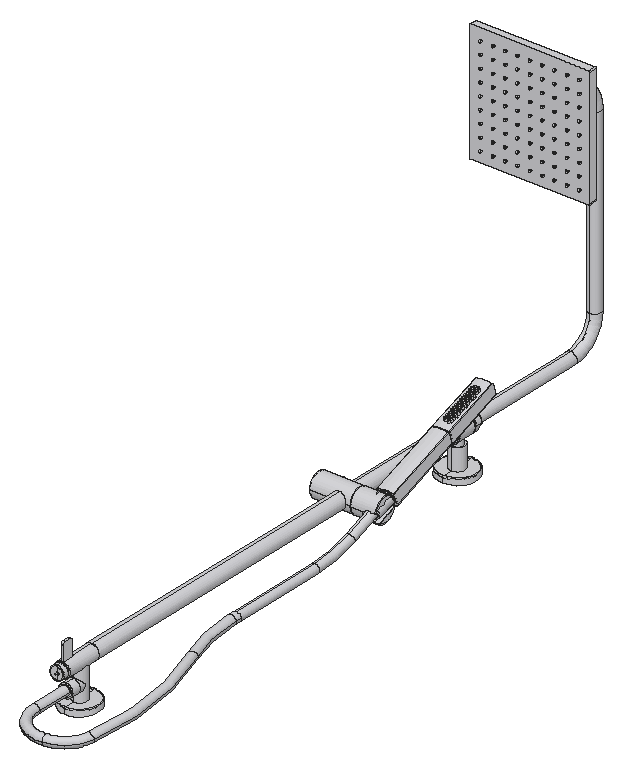
Revit family "Shower-Shower_Column_Kit-KOHLER-ANGULAR-K-76633T_1", category Plumbing Fixtures, host Face, Revit 2017 (continued)
Definition of nested family "K-76633T"
  Lines and regions (in)
    symbolic lines, detail levels medium+fine
      curve 191: spline (1.89877, -1.46092, 1.33858) -> (1.88348, -1.46281, 1.33858) -> (1.86924, -1.46835, 1.33858) -> (1.85701, -1.47717, 1.33858) -> (1.84762, -1.48867, 1.33858) -> (1.84172, -1.50205, 1.33858) -> (1.83971, -1.51641, 1.33858) -> (1.84172, -1.53078, 1.33858) -> (1.84762, -1.54416, 1.33858) -> (1.85701, -1.55565, 1.33858) -> (1.86924, -1.56447, 1.33858) -> (1.88348, -1.57002, 1.33858) -> (1.89877, -1.57191, 1.33858)
      curve 192: spline (2.0078, -1.8452, 1.33858) -> (2.02308, -1.84331, 1.33858) -> (2.03732, -1.83776, 1.33858) -> (2.04955, -1.82895, 1.33858) -> (2.05894, -1.81745, 1.33858) -> (2.06484, -1.80407, 1.33858) -> (2.06685, -1.78971, 1.33858) -> (2.06484, -1.77534, 1.33858) -> (2.05894, -1.76196, 1.33858) -> (2.04955, -1.75047, 1.33858) -> (2.03732, -1.74165, 1.33858) -> (2.02308, -1.7361, 1.33858) -> (2.0078, -1.73421, 1.33858)
      curve 193: spline (2.0078, -1.73421, 1.33858) -> (1.99251, -1.7361, 1.33858) -> (1.97827, -1.74165, 1.33858) -> (1.96604, -1.75047, 1.33858) -> (1.95665, -1.76196, 1.33858) -> (1.95075, -1.77534, 1.33858) -> (1.94874, -1.78971, 1.33858) -> (1.95075, -1.80407, 1.33858) -> (1.95665, -1.81745, 1.33858) -> (1.96604, -1.82895, 1.33858) -> (1.97827, -1.83776, 1.33858) -> (1.99251, -1.84331, 1.33858) -> (2.0078, -1.8452, 1.33858)
      curve 194: spline (2.21984, -1.84939, 1.33858) -> (2.23512, -1.8475, 1.33858) -> (2.24936, -1.84195, 1.33858) -> (2.26159, -1.83313, 1.33858) -> (2.27098, -1.82164, 1.33858) -> (2.27688, -1.80826, 1.33858) -> (2.27889, -1.79389, 1.33858) -> (2.27688, -1.77953, 1.33858) -> (2.27098, -1.76615, 1.33858) -> (2.26159, -1.75465, 1.33858) -> (2.24936, -1.74583, 1.33858) -> (2.23512, -1.74029, 1.33858) -> (2.21984, -1.7384, 1.33858)
      curve 195: spline (2.21984, -1.7384, 1.33858) -> (2.20455, -1.74029, 1.33858) -> (2.19031, -1.74583, 1.33858) -> (2.17808, -1.75465, 1.33858) -> (2.16869, -1.76615, 1.33858) -> (2.16279, -1.77953, 1.33858) -> (2.16078, -1.79389, 1.33858) -> (2.16279, -1.80826, 1.33858) -> (2.16869, -1.82164, 1.33858) -> (2.17808, -1.83313, 1.33858) -> (2.19031, -1.84195, 1.33858) -> (2.20455, -1.8475, 1.33858) -> (2.21984, -1.84939, 1.33858)
      curve 196: spline (1.79575, -1.84939, 1.33858) -> (1.81104, -1.8475, 1.33858) -> (1.82528, -1.84195, 1.33858) -> (1.83751, -1.83313, 1.33858) -> (1.8469, -1.82164, 1.33858) -> (1.8528, -1.80826, 1.33858) -> (1.85481, -1.79389, 1.33858) -> (1.8528, -1.77953, 1.33858) -> (1.8469, -1.76615, 1.33858) -> (1.83751, -1.75465, 1.33858) -> (1.82528, -1.74583, 1.33858) -> (1.81104, -1.74029, 1.33858) -> (1.79575, -1.7384, 1.33858)
      curve 197: spline (1.79575, -1.7384, 1.33858) -> (1.78047, -1.74029, 1.33858) -> (1.76623, -1.74583, 1.33858) -> (1.754, -1.75465, 1.33858) -> (1.74461, -1.76615, 1.33858) -> (1.73871, -1.77953, 1.33858) -> (1.7367, -1.79389, 1.33858) -> (1.73871, -1.80826, 1.33858) -> (1.74461, -1.82164, 1.33858) -> (1.754, -1.83313, 1.33858) -> (1.76623, -1.84195, 1.33858) -> (1.78047, -1.8475, 1.33858) -> (1.79575, -1.84939, 1.33858)
      curve 198: spline (2.11683, -1.83088, 1.33858) -> (2.10154, -1.83277, 1.33858) -> (2.0873, -1.83831, 1.33858) -> (2.07507, -1.84713, 1.33858) -> (2.06568, -1.85862, 1.33858) -> (2.05978, -1.87201, 1.33858) -> (2.05777, -1.88637, 1.33858) -> (2.05978, -1.90073, 1.33858) -> (2.06568, -1.91412, 1.33858) -> (2.07507, -1.92561, 1.33858) -> (2.0873, -1.93443, 1.33858) -> (2.10154, -1.93997, 1.33858) -> (2.11683, -1.94186, 1.33858)
      curve 199: spline (2.11683, -1.94186, 1.33858) -> (2.13211, -1.93997, 1.33858) -> (2.14635, -1.93443, 1.33858) -> (2.15858, -1.92561, 1.33858) -> (2.16797, -1.91412, 1.33858) -> (2.17387, -1.90073, 1.33858) -> (2.17588, -1.88637, 1.33858) -> (2.17387, -1.87201, 1.33858) -> (2.16797, -1.85862, 1.33858) -> (2.15858, -1.84713, 1.33858) -> (2.14635, -1.83831, 1.33858) -> (2.13211, -1.83277, 1.33858) -> (2.11683, -1.83088, 1.33858)
      curve 200: spline (2.0078, -2.03018, 1.33858) -> (2.02308, -2.02829, 1.33858) -> (2.03732, -2.02274, 1.33858) -> (2.04955, -2.01392, 1.33858) -> (2.05894, -2.00243, 1.33858) -> (2.06484, -1.98905, 1.33858) -> (2.06685, -1.97468, 1.33858) -> (2.06484, -1.96032, 1.33858) -> (2.05894, -1.94694, 1.33858) -> (2.04955, -1.93544, 1.33858) -> (2.03732, -1.92663, 1.33858) -> (2.02308, -1.92108, 1.33858) -> (2.0078, -1.91919, 1.33858)
      curve 201: spline (2.0078, -1.91919, 1.33858) -> (1.99251, -1.92108, 1.33858) -> (1.97827, -1.92663, 1.33858) -> (1.96604, -1.93544, 1.33858) -> (1.95665, -1.94694, 1.33858) -> (1.95075, -1.96032, 1.33858) -> (1.94874, -1.97468, 1.33858) -> (1.95075, -1.98905, 1.33858) -> (1.95665, -2.00243, 1.33858) -> (1.96604, -2.01392, 1.33858) -> (1.97827, -2.02274, 1.33858) -> (1.99251, -2.02829, 1.33858) -> (2.0078, -2.03018, 1.33858)
      curve 202: spline (2.21984, -2.03437, 1.33858) -> (2.23512, -2.03247, 1.33858) -> (2.24936, -2.02693, 1.33858) -> (2.26159, -2.01811, 1.33858) -> (2.27098, -2.00662, 1.33858) -> (2.27688, -1.99323, 1.33858) -> (2.27889, -1.97887, 1.33858) -> (2.27688, -1.96451, 1.33858) -> (2.27098, -1.95112, 1.33858) -> (2.26159, -1.93963, 1.33858) -> (2.24936, -1.93081, 1.33858) -> (2.23512, -1.92527, 1.33858) -> (2.21984, -1.92338, 1.33858)
      curve 203: spline (2.21984, -1.92338, 1.33858) -> (2.20455, -1.92527, 1.33858) -> (2.19031, -1.93081, 1.33858) -> (2.17808, -1.93963, 1.33858) -> (2.16869, -1.95112, 1.33858) -> (2.16279, -1.96451, 1.33858) -> (2.16078, -1.97887, 1.33858) -> (2.16279, -1.99323, 1.33858) -> (2.16869, -2.00662, 1.33858) -> (2.17808, -2.01811, 1.33858) -> (2.19031, -2.02693, 1.33858) -> (2.20455, -2.03247, 1.33858) -> (2.21984, -2.03437, 1.33858)
      curve 204: spline (1.79575, -2.03437, 1.33858) -> (1.81104, -2.03247, 1.33858) -> (1.82528, -2.02693, 1.33858) -> (1.83751, -2.01811, 1.33858) -> (1.8469, -2.00662, 1.33858) -> (1.8528, -1.99323, 1.33858) -> (1.85481, -1.97887, 1.33858) -> (1.8528, -1.96451, 1.33858) -> (1.8469, -1.95112, 1.33858) -> (1.83751, -1.93963, 1.33858) -> (1.82528, -1.93081, 1.33858) -> (1.81104, -1.92527, 1.33858) -> (1.79575, -1.92338, 1.33858)
      curve 205: spline (1.79575, -1.92338, 1.33858) -> (1.78047, -1.92527, 1.33858) -> (1.76623, -1.93081, 1.33858) -> (1.754, -1.93963, 1.33858) -> (1.74461, -1.95112, 1.33858) -> (1.73871, -1.96451, 1.33858) -> (1.7367, -1.97887, 1.33858) -> (1.73871, -1.99323, 1.33858) -> (1.74461, -2.00662, 1.33858) -> (1.754, -2.01811, 1.33858) -> (1.76623, -2.02693, 1.33858) -> (1.78047, -2.03247, 1.33858) -> (1.79575, -2.03437, 1.33858)
      curve 206: spline (1.89877, -2.01586, 1.33858) -> (1.88348, -2.01775, 1.33858) -> (1.86924, -2.02329, 1.33858) -> (1.85701, -2.03211, 1.33858) -> (1.84762, -2.0436, 1.33858) -> (1.84172, -2.05699, 1.33858) -> (1.83971, -2.07135, 1.33858) -> (1.84172, -2.08571, 1.33858) -> (1.84762, -2.0991, 1.33858) -> (1.85701, -2.11059, 1.33858) -> (1.86924, -2.11941, 1.33858) -> (1.88348, -2.12495, 1.33858) -> (1.89877, -2.12684, 1.33858)
      curve 207: spline (1.89877, -2.12684, 1.33858) -> (1.91405, -2.12495, 1.33858) -> (1.92829, -2.11941, 1.33858) -> (1.94052, -2.11059, 1.33858) -> (1.94991, -2.0991, 1.33858) -> (1.95581, -2.08571, 1.33858) -> (1.95782, -2.07135, 1.33858) -> (1.95581, -2.05699, 1.33858) -> (1.94991, -2.0436, 1.33858) -> (1.94052, -2.03211, 1.33858) -> (1.92829, -2.02329, 1.33858) -> (1.91405, -2.01775, 1.33858) -> (1.89877, -2.01586, 1.33858)
      curve 208: spline (2.11683, -2.01586, 1.33858) -> (2.10154, -2.01775, 1.33858) -> (2.0873, -2.02329, 1.33858) -> (2.07507, -2.03211, 1.33858) -> (2.06568, -2.0436, 1.33858) -> (2.05978, -2.05699, 1.33858) -> (2.05777, -2.07135, 1.33858) -> (2.05978, -2.08571, 1.33858) -> (2.06568, -2.0991, 1.33858) -> (2.07507, -2.11059, 1.33858) -> (2.0873, -2.11941, 1.33858) -> (2.10154, -2.12495, 1.33858) -> (2.11683, -2.12684, 1.33858)
      curve 209: spline (2.11683, -2.12684, 1.33858) -> (2.13211, -2.12495, 1.33858) -> (2.14635, -2.11941, 1.33858) -> (2.15858, -2.11059, 1.33858) -> (2.16797, -2.0991, 1.33858) -> (2.17387, -2.08571, 1.33858) -> (2.17588, -2.07135, 1.33858) -> (2.17387, -2.05699, 1.33858) -> (2.16797, -2.0436, 1.33858) -> (2.15858, -2.03211, 1.33858) -> (2.14635, -2.02329, 1.33858) -> (2.13211, -2.01775, 1.33858) -> (2.11683, -2.01586, 1.33858)
      curve 210: spline (1.89877, -1.94186, 1.33858) -> (1.91405, -1.93997, 1.33858) -> (1.92829, -1.93443, 1.33858) -> (1.94052, -1.92561, 1.33858) -> (1.94991, -1.91412, 1.33858) -> (1.95581, -1.90073, 1.33858) -> (1.95782, -1.88637, 1.33858) -> (1.95581, -1.87201, 1.33858) -> (1.94991, -1.85862, 1.33858) -> (1.94052, -1.84713, 1.33858) -> (1.92829, -1.83831, 1.33858) -> (1.91405, -1.83277, 1.33858) -> (1.89877, -1.83088, 1.33858)
      curve 211: spline (1.89877, -1.83088, 1.33858) -> (1.88348, -1.83277, 1.33858) -> (1.86924, -1.83831, 1.33858) -> (1.85701, -1.84713, 1.33858) -> (1.84762, -1.85862, 1.33858) -> (1.84172, -1.87201, 1.33858) -> (1.83971, -1.88637, 1.33858) -> (1.84172, -1.90073, 1.33858) -> (1.84762, -1.91412, 1.33858) -> (1.85701, -1.92561, 1.33858) -> (1.86924, -1.93443, 1.33858) -> (1.88348, -1.93997, 1.33858) -> (1.89877, -1.94186, 1.33858)
      curve 212: spline (2.0078, -2.21516, 1.33858) -> (2.02308, -2.21327, 1.33858) -> (2.03732, -2.20772, 1.33858) -> (2.04955, -2.1989, 1.33858) -> (2.05894, -2.18741, 1.33858) -> (2.06484, -2.17403, 1.33858) -> (2.06685, -2.15966, 1.33858) -> (2.06484, -2.1453, 1.33858) -> (2.05894, -2.13192, 1.33858) -> (2.04955, -2.12042, 1.33858) -> (2.03732, -2.1116, 1.33858) -> (2.02308, -2.10606, 1.33858) -> (2.0078, -2.10417, 1.33858)
      curve 213: spline (2.0078, -2.10417, 1.33858) -> (1.99251, -2.10606, 1.33858) -> (1.97827, -2.1116, 1.33858) -> (1.96604, -2.12042, 1.33858) -> (1.95665, -2.13192, 1.33858) -> (1.95075, -2.1453, 1.33858) -> (1.94874, -2.15966, 1.33858) -> (1.95075, -2.17403, 1.33858) -> (1.95665, -2.18741, 1.33858) -> (1.96604, -2.1989, 1.33858) -> (1.97827, -2.20772, 1.33858) -> (1.99251, -2.21327, 1.33858) -> (2.0078, -2.21516, 1.33858)
      curve 214: spline (2.21984, -2.21934, 1.33858) -> (2.23512, -2.21745, 1.33858) -> (2.24936, -2.21191, 1.33858) -> (2.26159, -2.20309, 1.33858) -> (2.27098, -2.1916, 1.33858) -> (2.27688, -2.17821, 1.33858) -> (2.27889, -2.16385, 1.33858) -> (2.27688, -2.14949, 1.33858) -> (2.27098, -2.1361, 1.33858) -> (2.26159, -2.12461, 1.33858) -> (2.24936, -2.11579, 1.33858) -> (2.23512, -2.11025, 1.33858) -> (2.21984, -2.10836, 1.33858)
      curve 215: spline (2.21984, -2.10836, 1.33858) -> (2.20455, -2.11025, 1.33858) -> (2.19031, -2.11579, 1.33858) -> (2.17808, -2.12461, 1.33858) -> (2.16869, -2.1361, 1.33858) -> (2.16279, -2.14949, 1.33858) -> (2.16078, -2.16385, 1.33858) -> (2.16279, -2.17821, 1.33858) -> (2.16869, -2.1916, 1.33858) -> (2.17808, -2.20309, 1.33858) -> (2.19031, -2.21191, 1.33858) -> (2.20455, -2.21745, 1.33858) -> (2.21984, -2.21934, 1.33858)
      curve 216: spline (1.79575, -2.21934, 1.33858) -> (1.81104, -2.21745, 1.33858) -> (1.82528, -2.21191, 1.33858) -> (1.83751, -2.20309, 1.33858) -> (1.8469, -2.1916, 1.33858) -> (1.8528, -2.17821, 1.33858) -> (1.85481, -2.16385, 1.33858) -> (1.8528, -2.14949, 1.33858) -> (1.8469, -2.1361, 1.33858) -> (1.83751, -2.12461, 1.33858) -> (1.82528, -2.11579, 1.33858) -> (1.81104, -2.11025, 1.33858) -> (1.79575, -2.10836, 1.33858)
      curve 217: spline (1.79575, -2.10836, 1.33858) -> (1.78047, -2.11025, 1.33858) -> (1.76623, -2.11579, 1.33858) -> (1.754, -2.12461, 1.33858) -> (1.74461, -2.1361, 1.33858) -> (1.73871, -2.14949, 1.33858) -> (1.7367, -2.16385, 1.33858) -> (1.73871, -2.17821, 1.33858) -> (1.74461, -2.1916, 1.33858) -> (1.754, -2.20309, 1.33858) -> (1.76623, -2.21191, 1.33858) -> (1.78047, -2.21745, 1.33858) -> (1.79575, -2.21934, 1.33858)
      curve 218: spline (2.11683, -2.20083, 1.33858) -> (2.10154, -2.20273, 1.33858) -> (2.0873, -2.20827, 1.33858) -> (2.07507, -2.21709, 1.33858) -> (2.06568, -2.22858, 1.33858) -> (2.05978, -2.24197, 1.33858) -> (2.05777, -2.25633, 1.33858) -> (2.05978, -2.27069, 1.33858) -> (2.06568, -2.28408, 1.33858) -> (2.07507, -2.29557, 1.33858) -> (2.0873, -2.30439, 1.33858) -> (2.10154, -2.30993, 1.33858) -> (2.11683, -2.31182, 1.33858)
      curve 219: spline (2.11683, -2.31182, 1.33858) -> (2.13211, -2.30993, 1.33858) -> (2.14635, -2.30439, 1.33858) -> (2.15858, -2.29557, 1.33858) -> (2.16797, -2.28408, 1.33858) -> (2.17387, -2.27069, 1.33858) -> (2.17588, -2.25633, 1.33858) -> (2.17387, -2.24197, 1.33858) -> (2.16797, -2.22858, 1.33858) -> (2.15858, -2.21709, 1.33858) -> (2.14635, -2.20827, 1.33858) -> (2.13211, -2.20273, 1.33858) -> (2.11683, -2.20083, 1.33858)
      curve 220: spline (2.0078, -2.40014, 1.33858) -> (2.02308, -2.39824, 1.33858) -> (2.03732, -2.3927, 1.33858) -> (2.04955, -2.38388, 1.33858) -> (2.05894, -2.37239, 1.33858) -> (2.06484, -2.35901, 1.33858) -> (2.06685, -2.34464, 1.33858) -> (2.06484, -2.33028, 1.33858) -> (2.05894, -2.3169, 1.33858) -> (2.04955, -2.3054, 1.33858) -> (2.03732, -2.29658, 1.33858) -> (2.02308, -2.29104, 1.33858) -> (2.0078, -2.28915, 1.33858)
      curve 221: spline (2.0078, -2.28915, 1.33858) -> (1.99251, -2.29104, 1.33858) -> (1.97827, -2.29658, 1.33858) -> (1.96604, -2.3054, 1.33858) -> (1.95665, -2.3169, 1.33858) -> (1.95075, -2.33028, 1.33858) -> (1.94874, -2.34464, 1.33858) -> (1.95075, -2.35901, 1.33858) -> (1.95665, -2.37239, 1.33858) -> (1.96604, -2.38388, 1.33858) -> (1.97827, -2.3927, 1.33858) -> (1.99251, -2.39824, 1.33858) -> (2.0078, -2.40014, 1.33858)
      curve 222: spline (2.21984, -2.40432, 1.33858) -> (2.23512, -2.40243, 1.33858) -> (2.24936, -2.39689, 1.33858) -> (2.26159, -2.38807, 1.33858) -> (2.27098, -2.37658, 1.33858) -> (2.27688, -2.36319, 1.33858) -> (2.27889, -2.34883, 1.33858) -> (2.27688, -2.33447, 1.33858) -> (2.27098, -2.32108, 1.33858) -> (2.26159, -2.30959, 1.33858) -> (2.24936, -2.30077, 1.33858) -> (2.23512, -2.29523, 1.33858) -> (2.21984, -2.29334, 1.33858)
      curve 223: spline (2.21984, -2.29334, 1.33858) -> (2.20455, -2.29523, 1.33858) -> (2.19031, -2.30077, 1.33858) -> (2.17808, -2.30959, 1.33858) -> (2.16869, -2.32108, 1.33858) -> (2.16279, -2.33447, 1.33858) -> (2.16078, -2.34883, 1.33858) -> (2.16279, -2.36319, 1.33858) -> (2.16869, -2.37658, 1.33858) -> (2.17808, -2.38807, 1.33858) -> (2.19031, -2.39689, 1.33858) -> (2.20455, -2.40243, 1.33858) -> (2.21984, -2.40432, 1.33858)
      curve 224: spline (1.79575, -2.40432, 1.33858) -> (1.81104, -2.40243, 1.33858) -> (1.82528, -2.39689, 1.33858) -> (1.83751, -2.38807, 1.33858) -> (1.8469, -2.37658, 1.33858) -> (1.8528, -2.36319, 1.33858) -> (1.85481, -2.34883, 1.33858) -> (1.8528, -2.33447, 1.33858) -> (1.8469, -2.32108, 1.33858) -> (1.83751, -2.30959, 1.33858) -> (1.82528, -2.30077, 1.33858) -> (1.81104, -2.29523, 1.33858) -> (1.79575, -2.29334, 1.33858)
      curve 225: spline (1.79575, -2.29334, 1.33858) -> (1.78047, -2.29523, 1.33858) -> (1.76623, -2.30077, 1.33858) -> (1.754, -2.30959, 1.33858) -> (1.74461, -2.32108, 1.33858) -> (1.73871, -2.33447, 1.33858) -> (1.7367, -2.34883, 1.33858) -> (1.73871, -2.36319, 1.33858) -> (1.74461, -2.37658, 1.33858) -> (1.754, -2.38807, 1.33858) -> (1.76623, -2.39689, 1.33858) -> (1.78047, -2.40243, 1.33858) -> (1.79575, -2.40432, 1.33858)
      curve 226: spline (1.89877, -2.38581, 1.33858) -> (1.88348, -2.3877, 1.33858) -> (1.86924, -2.39325, 1.33858) -> (1.85701, -2.40207, 1.33858) -> (1.84762, -2.41356, 1.33858) -> (1.84172, -2.42694, 1.33858) -> (1.83971, -2.44131, 1.33858) -> (1.84172, -2.45567, 1.33858) -> (1.84762, -2.46905, 1.33858) -> (1.85701, -2.48055, 1.33858) -> (1.86924, -2.48937, 1.33858) -> (1.88348, -2.49491, 1.33858) -> (1.89877, -2.4968, 1.33858)
      curve 227: spline (1.89877, -2.4968, 1.33858) -> (1.91405, -2.49491, 1.33858) -> (1.92829, -2.48937, 1.33858) -> (1.94052, -2.48055, 1.33858) -> (1.94991, -2.46905, 1.33858) -> (1.95581, -2.45567, 1.33858) -> (1.95782, -2.44131, 1.33858) -> (1.95581, -2.42694, 1.33858) -> (1.94991, -2.41356, 1.33858) -> (1.94052, -2.40207, 1.33858) -> (1.92829, -2.39325, 1.33858) -> (1.91405, -2.3877, 1.33858) -> (1.89877, -2.38581, 1.33858)
      curve 228: spline (2.11683, -2.38581, 1.33858) -> (2.10154, -2.3877, 1.33858) -> (2.0873, -2.39325, 1.33858) -> (2.07507, -2.40207, 1.33858) -> (2.06568, -2.41356, 1.33858) -> (2.05978, -2.42694, 1.33858) -> (2.05777, -2.44131, 1.33858) -> (2.05978, -2.45567, 1.33858) -> (2.06568, -2.46905, 1.33858) -> (2.07507, -2.48055, 1.33858) -> (2.0873, -2.48937, 1.33858) -> (2.10154, -2.49491, 1.33858) -> (2.11683, -2.4968, 1.33858)
      curve 229: spline (2.11683, -2.4968, 1.33858) -> (2.13211, -2.49491, 1.33858) -> (2.14635, -2.48937, 1.33858) -> (2.15858, -2.48055, 1.33858) -> (2.16797, -2.46905, 1.33858) -> (2.17387, -2.45567, 1.33858) -> (2.17588, -2.44131, 1.33858) -> (2.17387, -2.42694, 1.33858) -> (2.16797, -2.41356, 1.33858) -> (2.15858, -2.40207, 1.33858) -> (2.14635, -2.39325, 1.33858) -> (2.13211, -2.3877, 1.33858) -> (2.11683, -2.38581, 1.33858)
      curve 230: spline (1.89877, -2.31182, 1.33858) -> (1.91405, -2.30993, 1.33858) -> (1.92829, -2.30439, 1.33858) -> (1.94052, -2.29557, 1.33858) -> (1.94991, -2.28408, 1.33858) -> (1.95581, -2.27069, 1.33858) -> (1.95782, -2.25633, 1.33858) -> (1.95581, -2.24197, 1.33858) -> (1.94991, -2.22858, 1.33858) -> (1.94052, -2.21709, 1.33858) -> (1.92829, -2.20827, 1.33858) -> (1.91405, -2.20273, 1.33858) -> (1.89877, -2.20083, 1.33858)
      curve 231: spline (1.89877, -2.20083, 1.33858) -> (1.88348, -2.20273, 1.33858) -> (1.86924, -2.20827, 1.33858) -> (1.85701, -2.21709, 1.33858) -> (1.84762, -2.22858, 1.33858) -> (1.84172, -2.24197, 1.33858) -> (1.83971, -2.25633, 1.33858) -> (1.84172, -2.27069, 1.33858) -> (1.84762, -2.28408, 1.33858) -> (1.85701, -2.29557, 1.33858) -> (1.86924, -2.30439, 1.33858) -> (1.88348, -2.30993, 1.33858) -> (1.89877, -2.31182, 1.33858)
      curve 232: spline (2.0078, -2.58511, 1.33858) -> (2.02308, -2.58322, 1.33858) -> (2.03732, -2.57768, 1.33858) -> (2.04955, -2.56886, 1.33858) -> (2.05894, -2.55737, 1.33858) -> (2.06484, -2.54398, 1.33858) -> (2.06685, -2.52962, 1.33858) -> (2.06484, -2.51526, 1.33858) -> (2.05894, -2.50187, 1.33858) -> (2.04955, -2.49038, 1.33858) -> (2.03732, -2.48156, 1.33858) -> (2.02308, -2.47602, 1.33858) -> (2.0078, -2.47413, 1.33858)
      curve 233: spline (2.0078, -2.47413, 1.33858) -> (1.99251, -2.47602, 1.33858) -> (1.97827, -2.48156, 1.33858) -> (1.96604, -2.49038, 1.33858) -> (1.95665, -2.50187, 1.33858) -> (1.95075, -2.51526, 1.33858) -> (1.94874, -2.52962, 1.33858) -> (1.95075, -2.54398, 1.33858) -> (1.95665, -2.55737, 1.33858) -> (1.96604, -2.56886, 1.33858) -> (1.97827, -2.57768, 1.33858) -> (1.99251, -2.58322, 1.33858) -> (2.0078, -2.58511, 1.33858)
      curve 234: spline (2.21984, -2.5893, 1.33858) -> (2.23512, -2.58741, 1.33858) -> (2.24936, -2.58187, 1.33858) -> (2.26159, -2.57305, 1.33858) -> (2.27098, -2.56155, 1.33858) -> (2.27688, -2.54817, 1.33858) -> (2.27889, -2.53381, 1.33858) -> (2.27688, -2.51945, 1.33858) -> (2.27098, -2.50606, 1.33858) -> (2.26159, -2.49457, 1.33858) -> (2.24936, -2.48575, 1.33858) -> (2.23512, -2.48021, 1.33858) -> (2.21984, -2.47831, 1.33858)
      curve 235: spline (2.21984, -2.47831, 1.33858) -> (2.20455, -2.48021, 1.33858) -> (2.19031, -2.48575, 1.33858) -> (2.17808, -2.49457, 1.33858) -> (2.16869, -2.50606, 1.33858) -> (2.16279, -2.51945, 1.33858) -> (2.16078, -2.53381, 1.33858) -> (2.16279, -2.54817, 1.33858) -> (2.16869, -2.56155, 1.33858) -> (2.17808, -2.57305, 1.33858) -> (2.19031, -2.58187, 1.33858) -> (2.20455, -2.58741, 1.33858) -> (2.21984, -2.5893, 1.33858)
      curve 236: spline (1.79575, -2.5893, 1.33858) -> (1.81104, -2.58741, 1.33858) -> (1.82528, -2.58187, 1.33858) -> (1.83751, -2.57305, 1.33858) -> (1.8469, -2.56155, 1.33858) -> (1.8528, -2.54817, 1.33858) -> (1.85481, -2.53381, 1.33858) -> (1.8528, -2.51945, 1.33858) -> (1.8469, -2.50606, 1.33858) -> (1.83751, -2.49457, 1.33858) -> (1.82528, -2.48575, 1.33858) -> (1.81104, -2.48021, 1.33858) -> (1.79575, -2.47831, 1.33858)
      curve 237: spline (1.79575, -2.47831, 1.33858) -> (1.78047, -2.48021, 1.33858) -> (1.76623, -2.48575, 1.33858) -> (1.754, -2.49457, 1.33858) -> (1.74461, -2.50606, 1.33858) -> (1.73871, -2.51945, 1.33858) -> (1.7367, -2.53381, 1.33858) -> (1.73871, -2.54817, 1.33858) -> (1.74461, -2.56155, 1.33858) -> (1.754, -2.57305, 1.33858) -> (1.76623, -2.58187, 1.33858) -> (1.78047, -2.58741, 1.33858) -> (1.79575, -2.5893, 1.33858)
      curve 238: spline (2.11683, -2.57079, 1.33858) -> (2.10154, -2.57268, 1.33858) -> (2.0873, -2.57823, 1.33858) -> (2.07507, -2.58705, 1.33858) -> (2.06568, -2.59854, 1.33858) -> (2.05978, -2.61192, 1.33858) -> (2.05777, -2.62629, 1.33858) -> (2.05978, -2.64065, 1.33858) -> (2.06568, -2.65403, 1.33858) -> (2.07507, -2.66553, 1.33858) -> (2.0873, -2.67435, 1.33858) -> (2.10154, -2.67989, 1.33858) -> (2.11683, -2.68178, 1.33858)
      curve 239: spline (2.11683, -2.68178, 1.33858) -> (2.13211, -2.67989, 1.33858) -> (2.14635, -2.67435, 1.33858) -> (2.15858, -2.66553, 1.33858) -> (2.16797, -2.65403, 1.33858) -> (2.17387, -2.64065, 1.33858) -> (2.17588, -2.62629, 1.33858) -> (2.17387, -2.61192, 1.33858) -> (2.16797, -2.59854, 1.33858) -> (2.15858, -2.58705, 1.33858) -> (2.14635, -2.57823, 1.33858) -> (2.13211, -2.57268, 1.33858) -> (2.11683, -2.57079, 1.33858)
      curve 240: spline (2.0078, -2.77009, 1.33858) -> (2.02308, -2.7682, 1.33858) -> (2.03732, -2.76266, 1.33858) -> (2.04955, -2.75384, 1.33858) -> (2.05894, -2.74235, 1.33858) -> (2.06484, -2.72896, 1.33858) -> (2.06685, -2.7146, 1.33858) -> (2.06484, -2.70024, 1.33858) -> (2.05894, -2.68685, 1.33858) -> (2.04955, -2.67536, 1.33858) -> (2.03732, -2.66654, 1.33858) -> (2.02308, -2.661, 1.33858) -> (2.0078, -2.65911, 1.33858)
      curve 241: spline (2.0078, -2.65911, 1.33858) -> (1.99251, -2.661, 1.33858) -> (1.97827, -2.66654, 1.33858) -> (1.96604, -2.67536, 1.33858) -> (1.95665, -2.68685, 1.33858) -> (1.95075, -2.70024, 1.33858) -> (1.94874, -2.7146, 1.33858) -> (1.95075, -2.72896, 1.33858) -> (1.95665, -2.74235, 1.33858) -> (1.96604, -2.75384, 1.33858) -> (1.97827, -2.76266, 1.33858) -> (1.99251, -2.7682, 1.33858) -> (2.0078, -2.77009, 1.33858)
      curve 242: spline (2.21984, -2.77428, 1.33858) -> (2.23512, -2.77239, 1.33858) -> (2.24936, -2.76685, 1.33858) -> (2.26159, -2.75803, 1.33858) -> (2.27098, -2.74653, 1.33858) -> (2.27688, -2.73315, 1.33858) -> (2.27889, -2.71879, 1.33858) -> (2.27688, -2.70442, 1.33858) -> (2.27098, -2.69104, 1.33858) -> (2.26159, -2.67955, 1.33858) -> (2.24936, -2.67073, 1.33858) -> (2.23512, -2.66518, 1.33858) -> (2.21984, -2.66329, 1.33858)
      curve 243: spline (2.21984, -2.66329, 1.33858) -> (2.20455, -2.66518, 1.33858) -> (2.19031, -2.67073, 1.33858) -> (2.17808, -2.67955, 1.33858) -> (2.16869, -2.69104, 1.33858) -> (2.16279, -2.70442, 1.33858) -> (2.16078, -2.71879, 1.33858) -> (2.16279, -2.73315, 1.33858) -> (2.16869, -2.74653, 1.33858) -> (2.17808, -2.75803, 1.33858) -> (2.19031, -2.76685, 1.33858) -> (2.20455, -2.77239, 1.33858) -> (2.21984, -2.77428, 1.33858)
      curve 244: spline (1.79575, -2.77428, 1.33858) -> (1.81104, -2.77239, 1.33858) -> (1.82528, -2.76685, 1.33858) -> (1.83751, -2.75803, 1.33858) -> (1.8469, -2.74653, 1.33858) -> (1.8528, -2.73315, 1.33858) -> (1.85481, -2.71879, 1.33858) -> (1.8528, -2.70442, 1.33858) -> (1.8469, -2.69104, 1.33858) -> (1.83751, -2.67955, 1.33858) -> (1.82528, -2.67073, 1.33858) -> (1.81104, -2.66518, 1.33858) -> (1.79575, -2.66329, 1.33858)
      curve 245: spline (1.79575, -2.66329, 1.33858) -> (1.78047, -2.66518, 1.33858) -> (1.76623, -2.67073, 1.33858) -> (1.754, -2.67955, 1.33858) -> (1.74461, -2.69104, 1.33858) -> (1.73871, -2.70442, 1.33858) -> (1.7367, -2.71879, 1.33858) -> (1.73871, -2.73315, 1.33858) -> (1.74461, -2.74653, 1.33858) -> (1.754, -2.75803, 1.33858) -> (1.76623, -2.76685, 1.33858) -> (1.78047, -2.77239, 1.33858) -> (1.79575, -2.77428, 1.33858)
      curve 246: spline (1.89877, -2.75577, 1.33858) -> (1.88348, -2.75766, 1.33858) -> (1.86924, -2.76321, 1.33858) -> (1.85701, -2.77203, 1.33858) -> (1.84762, -2.78352, 1.33858) -> (1.84172, -2.7969, 1.33858) -> (1.83971, -2.81127, 1.33858) -> (1.84172, -2.82563, 1.33858) -> (1.84762, -2.83901, 1.33858) -> (1.85701, -2.85051, 1.33858) -> (1.86924, -2.85932, 1.33858) -> (1.88348, -2.86487, 1.33858) -> (1.89877, -2.86676, 1.33858)
      curve 247: spline (1.89877, -2.86676, 1.33858) -> (1.91405, -2.86487, 1.33858) -> (1.92829, -2.85932, 1.33858) -> (1.94052, -2.85051, 1.33858) -> (1.94991, -2.83901, 1.33858) -> (1.95581, -2.82563, 1.33858) -> (1.95782, -2.81127, 1.33858) -> (1.95581, -2.7969, 1.33858) -> (1.94991, -2.78352, 1.33858) -> (1.94052, -2.77203, 1.33858) -> (1.92829, -2.76321, 1.33858) -> (1.91405, -2.75766, 1.33858) -> (1.89877, -2.75577, 1.33858)
      curve 248: spline (2.11683, -2.75577, 1.33858) -> (2.10154, -2.75766, 1.33858) -> (2.0873, -2.76321, 1.33858) -> (2.07507, -2.77203, 1.33858) -> (2.06568, -2.78352, 1.33858) -> (2.05978, -2.7969, 1.33858) -> (2.05777, -2.81127, 1.33858) -> (2.05978, -2.82563, 1.33858) -> (2.06568, -2.83901, 1.33858) -> (2.07507, -2.85051, 1.33858) -> (2.0873, -2.85932, 1.33858) -> (2.10154, -2.86487, 1.33858) -> (2.11683, -2.86676, 1.33858)
      curve 249: spline (2.11683, -2.86676, 1.33858) -> (2.13211, -2.86487, 1.33858) -> (2.14635, -2.85932, 1.33858) -> (2.15858, -2.85051, 1.33858) -> (2.16797, -2.83901, 1.33858) -> (2.17387, -2.82563, 1.33858) -> (2.17588, -2.81127, 1.33858) -> (2.17387, -2.7969, 1.33858) -> (2.16797, -2.78352, 1.33858) -> (2.15858, -2.77203, 1.33858) -> (2.14635, -2.76321, 1.33858) -> (2.13211, -2.75766, 1.33858) -> (2.11683, -2.75577, 1.33858)
      curve 250: spline (1.89877, -2.68178, 1.33858) -> (1.91405, -2.67989, 1.33858) -> (1.92829, -2.67435, 1.33858) -> (1.94052, -2.66553, 1.33858) -> (1.94991, -2.65403, 1.33858) -> (1.95581, -2.64065, 1.33858) -> (1.95782, -2.62629, 1.33858) -> (1.95581, -2.61192, 1.33858) -> (1.94991, -2.59854, 1.33858) -> (1.94052, -2.58705, 1.33858) -> (1.92829, -2.57823, 1.33858) -> (1.91405, -2.57268, 1.33858) -> (1.89877, -2.57079, 1.33858)
      curve 251: spline (1.89877, -2.57079, 1.33858) -> (1.88348, -2.57268, 1.33858) -> (1.86924, -2.57823, 1.33858) -> (1.85701, -2.58705, 1.33858) -> (1.84762, -2.59854, 1.33858) -> (1.84172, -2.61192, 1.33858) -> (1.83971, -2.62629, 1.33858) -> (1.84172, -2.64065, 1.33858) -> (1.84762, -2.65403, 1.33858) -> (1.85701, -2.66553, 1.33858) -> (1.86924, -2.67435, 1.33858) -> (1.88348, -2.67989, 1.33858) -> (1.89877, -2.68178, 1.33858)
      curve 252: spline (2.0078, -2.95507, 1.33858) -> (2.02308, -2.95318, 1.33858) -> (2.03732, -2.94764, 1.33858) -> (2.04955, -2.93882, 1.33858) -> (2.05894, -2.92733, 1.33858) -> (2.06484, -2.91394, 1.33858) -> (2.06685, -2.89958, 1.33858) -> (2.06484, -2.88522, 1.33858) -> (2.05894, -2.87183, 1.33858) -> (2.04955, -2.86034, 1.33858) -> (2.03732, -2.85152, 1.33858) -> (2.02308, -2.84598, 1.33858) -> (2.0078, -2.84409, 1.33858)
      curve 253: spline (2.0078, -2.84409, 1.33858) -> (1.99251, -2.84598, 1.33858) -> (1.97827, -2.85152, 1.33858) -> (1.96604, -2.86034, 1.33858) -> (1.95665, -2.87183, 1.33858) -> (1.95075, -2.88522, 1.33858) -> (1.94874, -2.89958, 1.33858) -> (1.95075, -2.91394, 1.33858) -> (1.95665, -2.92733, 1.33858) -> (1.96604, -2.93882, 1.33858) -> (1.97827, -2.94764, 1.33858) -> (1.99251, -2.95318, 1.33858) -> (2.0078, -2.95507, 1.33858)
      curve 254: spline (2.21984, -2.95926, 1.33858) -> (2.23512, -2.95737, 1.33858) -> (2.24936, -2.95182, 1.33858) -> (2.26159, -2.94301, 1.33858) -> (2.27098, -2.93151, 1.33858) -> (2.27688, -2.91813, 1.33858) -> (2.27889, -2.90377, 1.33858) -> (2.27688, -2.8894, 1.33858) -> (2.27098, -2.87602, 1.33858) -> (2.26159, -2.86453, 1.33858) -> (2.24936, -2.85571, 1.33858) -> (2.23512, -2.85016, 1.33858) -> (2.21984, -2.84827, 1.33858)
      curve 255: spline (2.21984, -2.84827, 1.33858) -> (2.20455, -2.85016, 1.33858) -> (2.19031, -2.85571, 1.33858) -> (2.17808, -2.86453, 1.33858) -> (2.16869, -2.87602, 1.33858) -> (2.16279, -2.8894, 1.33858) -> (2.16078, -2.90377, 1.33858) -> (2.16279, -2.91813, 1.33858) -> (2.16869, -2.93151, 1.33858) -> (2.17808, -2.94301, 1.33858) -> (2.19031, -2.95182, 1.33858) -> (2.20455, -2.95737, 1.33858) -> (2.21984, -2.95926, 1.33858)
      curve 256: spline (1.79575, -2.95926, 1.33858) -> (1.81104, -2.95737, 1.33858) -> (1.82528, -2.95182, 1.33858) -> (1.83751, -2.94301, 1.33858) -> (1.8469, -2.93151, 1.33858) -> (1.8528, -2.91813, 1.33858) -> (1.85481, -2.90377, 1.33858) -> (1.8528, -2.8894, 1.33858) -> (1.8469, -2.87602, 1.33858) -> (1.83751, -2.86453, 1.33858) -> (1.82528, -2.85571, 1.33858) -> (1.81104, -2.85016, 1.33858) -> (1.79575, -2.84827, 1.33858)
      curve 257: spline (1.79575, -2.84827, 1.33858) -> (1.78047, -2.85016, 1.33858) -> (1.76623, -2.85571, 1.33858) -> (1.754, -2.86453, 1.33858) -> (1.74461, -2.87602, 1.33858) -> (1.73871, -2.8894, 1.33858) -> (1.7367, -2.90377, 1.33858) -> (1.73871, -2.91813, 1.33858) -> (1.74461, -2.93151, 1.33858) -> (1.754, -2.94301, 1.33858) -> (1.76623, -2.95182, 1.33858) -> (1.78047, -2.95737, 1.33858) -> (1.79575, -2.95926, 1.33858)
      curve 258: spline (2.11683, -2.94075, 1.33858) -> (2.10154, -2.94264, 1.33858) -> (2.0873, -2.94819, 1.33858) -> (2.07507, -2.957, 1.33858) -> (2.06568, -2.9685, 1.33858) -> (2.05978, -2.98188, 1.33858) -> (2.05777, -2.99624, 1.33858) -> (2.05978, -3.01061, 1.33858) -> (2.06568, -3.02399, 1.33858) -> (2.07507, -3.03548, 1.33858) -> (2.0873, -3.0443, 1.33858) -> (2.10154, -3.04985, 1.33858) -> (2.11683, -3.05174, 1.33858)
      curve 259: spline (2.11683, -3.05174, 1.33858) -> (2.13211, -3.04985, 1.33858) -> (2.14635, -3.0443, 1.33858) -> (2.15858, -3.03548, 1.33858) -> (2.16797, -3.02399, 1.33858) -> (2.17387, -3.01061, 1.33858) -> (2.17588, -2.99624, 1.33858) -> (2.17387, -2.98188, 1.33858) -> (2.16797, -2.9685, 1.33858) -> (2.15858, -2.957, 1.33858) -> (2.14635, -2.94819, 1.33858) -> (2.13211, -2.94264, 1.33858) -> (2.11683, -2.94075, 1.33858)
      curve 260: spline (2.0078, -3.14005, 1.33858) -> (2.02308, -3.13816, 1.33858) -> (2.03732, -3.13262, 1.33858) -> (2.04955, -3.1238, 1.33858) -> (2.05894, -3.1123, 1.33858) -> (2.06484, -3.09892, 1.33858) -> (2.06685, -3.08456, 1.33858) -> (2.06484, -3.07019, 1.33858) -> (2.05894, -3.05681, 1.33858) -> (2.04955, -3.04532, 1.33858) -> (2.03732, -3.0365, 1.33858) -> (2.02308, -3.03095, 1.33858) -> (2.0078, -3.02906, 1.33858)
      curve 261: spline (2.0078, -3.02906, 1.33858) -> (1.99251, -3.03095, 1.33858) -> (1.97827, -3.0365, 1.33858) -> (1.96604, -3.04532, 1.33858) -> (1.95665, -3.05681, 1.33858) -> (1.95075, -3.07019, 1.33858) -> (1.94874, -3.08456, 1.33858) -> (1.95075, -3.09892, 1.33858) -> (1.95665, -3.1123, 1.33858) -> (1.96604, -3.1238, 1.33858) -> (1.97827, -3.13262, 1.33858) -> (1.99251, -3.13816, 1.33858) -> (2.0078, -3.14005, 1.33858)
      curve 262: spline (2.21984, -3.14424, 1.33858) -> (2.23512, -3.14235, 1.33858) -> (2.24936, -3.1368, 1.33858) -> (2.26159, -3.12798, 1.33858) -> (2.27098, -3.11649, 1.33858) -> (2.27688, -3.10311, 1.33858) -> (2.27889, -3.08874, 1.33858) -> (2.27688, -3.07438, 1.33858) -> (2.27098, -3.061, 1.33858) -> (2.26159, -3.0495, 1.33858) -> (2.24936, -3.04069, 1.33858) -> (2.23512, -3.03514, 1.33858) -> (2.21984, -3.03325, 1.33858)
      curve 263: spline (2.21984, -3.03325, 1.33858) -> (2.20455, -3.03514, 1.33858) -> (2.19031, -3.04069, 1.33858) -> (2.17808, -3.0495, 1.33858) -> (2.16869, -3.061, 1.33858) -> (2.16279, -3.07438, 1.33858) -> (2.16078, -3.08874, 1.33858) -> (2.16279, -3.10311, 1.33858) -> (2.16869, -3.11649, 1.33858) -> (2.17808, -3.12798, 1.33858) -> (2.19031, -3.1368, 1.33858) -> (2.20455, -3.14235, 1.33858) -> (2.21984, -3.14424, 1.33858)
      curve 264: spline (1.79575, -3.14424, 1.33858) -> (1.81104, -3.14235, 1.33858) -> (1.82528, -3.1368, 1.33858) -> (1.83751, -3.12798, 1.33858) -> (1.8469, -3.11649, 1.33858) -> (1.8528, -3.10311, 1.33858) -> (1.85481, -3.08874, 1.33858) -> (1.8528, -3.07438, 1.33858) -> (1.8469, -3.061, 1.33858) -> (1.83751, -3.0495, 1.33858) -> (1.82528, -3.04069, 1.33858) -> (1.81104, -3.03514, 1.33858) -> (1.79575, -3.03325, 1.33858)
      curve 265: spline (1.79575, -3.03325, 1.33858) -> (1.78047, -3.03514, 1.33858) -> (1.76623, -3.04069, 1.33858) -> (1.754, -3.0495, 1.33858) -> (1.74461, -3.061, 1.33858) -> (1.73871, -3.07438, 1.33858) -> (1.7367, -3.08874, 1.33858) -> (1.73871, -3.10311, 1.33858) -> (1.74461, -3.11649, 1.33858) -> (1.754, -3.12798, 1.33858) -> (1.76623, -3.1368, 1.33858) -> (1.78047, -3.14235, 1.33858) -> (1.79575, -3.14424, 1.33858)
      curve 266: spline (1.89877, -3.12573, 1.33858) -> (1.88348, -3.12762, 1.33858) -> (1.86924, -3.13316, 1.33858) -> (1.85701, -3.14198, 1.33858) -> (1.84762, -3.15348, 1.33858) -> (1.84172, -3.16686, 1.33858) -> (1.83971, -3.18122, 1.33858) -> (1.84172, -3.19559, 1.33858) -> (1.84762, -3.20897, 1.33858) -> (1.85701, -3.22046, 1.33858) -> (1.86924, -3.22928, 1.33858) -> (1.88348, -3.23483, 1.33858) -> (1.89877, -3.23672, 1.33858)
      curve 267: spline (1.89877, -3.23672, 1.33858) -> (1.91405, -3.23483, 1.33858) -> (1.92829, -3.22928, 1.33858) -> (1.94052, -3.22046, 1.33858) -> (1.94991, -3.20897, 1.33858) -> (1.95581, -3.19559, 1.33858) -> (1.95782, -3.18122, 1.33858) -> (1.95581, -3.16686, 1.33858) -> (1.94991, -3.15348, 1.33858) -> (1.94052, -3.14198, 1.33858) -> (1.92829, -3.13316, 1.33858) -> (1.91405, -3.12762, 1.33858) -> (1.89877, -3.12573, 1.33858)
      curve 268: spline (2.11683, -3.12573, 1.33858) -> (2.10154, -3.12762, 1.33858) -> (2.0873, -3.13316, 1.33858) -> (2.07507, -3.14198, 1.33858) -> (2.06568, -3.15348, 1.33858) -> (2.05978, -3.16686, 1.33858) -> (2.05777, -3.18122, 1.33858) -> (2.05978, -3.19559, 1.33858) -> (2.06568, -3.20897, 1.33858) -> (2.07507, -3.22046, 1.33858) -> (2.0873, -3.22928, 1.33858) -> (2.10154, -3.23483, 1.33858) -> (2.11683, -3.23672, 1.33858)
      curve 269: spline (2.11683, -3.23672, 1.33858) -> (2.13211, -3.23483, 1.33858) -> (2.14635, -3.22928, 1.33858) -> (2.15858, -3.22046, 1.33858) -> (2.16797, -3.20897, 1.33858) -> (2.17387, -3.19559, 1.33858) -> (2.17588, -3.18122, 1.33858) -> (2.17387, -3.16686, 1.33858) -> (2.16797, -3.15348, 1.33858) -> (2.15858, -3.14198, 1.33858) -> (2.14635, -3.13316, 1.33858) -> (2.13211, -3.12762, 1.33858) -> (2.11683, -3.12573, 1.33858)
      curve 270: spline (1.89877, -3.05174, 1.33858) -> (1.91405, -3.04985, 1.33858) -> (1.92829, -3.0443, 1.33858) -> (1.94052, -3.03548, 1.33858) -> (1.94991, -3.02399, 1.33858) -> (1.95581, -3.01061, 1.33858) -> (1.95782, -2.99624, 1.33858) -> (1.95581, -2.98188, 1.33858) -> (1.94991, -2.9685, 1.33858) -> (1.94052, -2.957, 1.33858) -> (1.92829, -2.94819, 1.33858) -> (1.91405, -2.94264, 1.33858) -> (1.89877, -2.94075, 1.33858)
      curve 271: spline (1.89877, -2.94075, 1.33858) -> (1.88348, -2.94264, 1.33858) -> (1.86924, -2.94819, 1.33858) -> (1.85701, -2.957, 1.33858) -> (1.84762, -2.9685, 1.33858) -> (1.84172, -2.98188, 1.33858) -> (1.83971, -2.99624, 1.33858) -> (1.84172, -3.01061, 1.33858) -> (1.84762, -3.02399, 1.33858) -> (1.85701, -3.03548, 1.33858) -> (1.86924, -3.0443, 1.33858) -> (1.88348, -3.04985, 1.33858) -> (1.89877, -3.05174, 1.33858)
      curve 272: spline (1.79575, -3.32922, 1.33858) -> (1.81104, -3.32733, 1.33858) -> (1.82528, -3.32178, 1.33858) -> (1.83751, -3.31296, 1.33858) -> (1.8469, -3.30147, 1.33858) -> (1.8528, -3.28809, 1.33858) -> (1.85481, -3.27372, 1.33858) -> (1.8528, -3.25936, 1.33858) -> (1.8469, -3.24598, 1.33858) -> (1.83751, -3.23448, 1.33858) -> (1.82528, -3.22566, 1.33858) -> (1.81104, -3.22012, 1.33858) -> (1.79575, -3.21823, 1.33858)
      curve 273: spline (1.79575, -3.21823, 1.33858) -> (1.78047, -3.22012, 1.33858) -> (1.76623, -3.22566, 1.33858) -> (1.754, -3.23448, 1.33858) -> (1.74461, -3.24598, 1.33858) -> (1.73871, -3.25936, 1.33858) -> (1.7367, -3.27372, 1.33858) -> (1.73871, -3.28809, 1.33858) -> (1.74461, -3.30147, 1.33858) -> (1.754, -3.31296, 1.33858) -> (1.76623, -3.32178, 1.33858) -> (1.78047, -3.32733, 1.33858) -> (1.79575, -3.32922, 1.33858)
      curve 274: spline (2.0078, -3.32503, 1.33858) -> (2.02308, -3.32314, 1.33858) -> (2.03732, -3.3176, 1.33858) -> (2.04955, -3.30878, 1.33858) -> (2.05894, -3.29728, 1.33858) -> (2.06484, -3.2839, 1.33858) -> (2.06685, -3.26954, 1.33858) -> (2.06484, -3.25517, 1.33858) -> (2.05894, -3.24179, 1.33858) -> (2.04955, -3.2303, 1.33858) -> (2.03732, -3.22148, 1.33858) -> (2.02308, -3.21593, 1.33858) -> (2.0078, -3.21404, 1.33858)
      curve 275: spline (2.0078, -3.21404, 1.33858) -> (1.99251, -3.21593, 1.33858) -> (1.97827, -3.22148, 1.33858) -> (1.96604, -3.2303, 1.33858) -> (1.95665, -3.24179, 1.33858) -> (1.95075, -3.25517, 1.33858) -> (1.94874, -3.26954, 1.33858) -> (1.95075, -3.2839, 1.33858) -> (1.95665, -3.29728, 1.33858) -> (1.96604, -3.30878, 1.33858) -> (1.97827, -3.3176, 1.33858) -> (1.99251, -3.32314, 1.33858) -> (2.0078, -3.32503, 1.33858)
      curve 276: spline (1.89877, -3.4217, 1.33858) -> (1.91405, -3.4198, 1.33858) -> (1.92829, -3.41426, 1.33858) -> (1.94052, -3.40544, 1.33858) -> (1.94991, -3.39395, 1.33858) -> (1.95581, -3.38056, 1.33858) -> (1.95782, -3.3662, 1.33858) -> (1.95581, -3.35184, 1.33858) -> (1.94991, -3.33845, 1.33858) -> (1.94052, -3.32696, 1.33858) -> (1.92829, -3.31814, 1.33858) -> (1.91405, -3.3126, 1.33858) -> (1.89877, -3.31071, 1.33858)
      curve 277: spline (1.89877, -3.31071, 1.33858) -> (1.88348, -3.3126, 1.33858) -> (1.86924, -3.31814, 1.33858) -> (1.85701, -3.32696, 1.33858) -> (1.84762, -3.33845, 1.33858) -> (1.84172, -3.35184, 1.33858) -> (1.83971, -3.3662, 1.33858) -> (1.84172, -3.38056, 1.33858) -> (1.84762, -3.39395, 1.33858) -> (1.85701, -3.40544, 1.33858) -> (1.86924, -3.41426, 1.33858) -> (1.88348, -3.4198, 1.33858) -> (1.89877, -3.4217, 1.33858)
      curve 278: spline (2.11683, -3.31071, 1.33858) -> (2.10154, -3.3126, 1.33858) -> (2.0873, -3.31814, 1.33858) -> (2.07507, -3.32696, 1.33858) -> (2.06568, -3.33845, 1.33858) -> (2.05978, -3.35184, 1.33858) -> (2.05777, -3.3662, 1.33858) -> (2.05978, -3.38056, 1.33858) -> (2.06568, -3.39395, 1.33858) -> (2.07507, -3.40544, 1.33858) -> (2.0873, -3.41426, 1.33858) -> (2.10154, -3.4198, 1.33858) -> (2.11683, -3.4217, 1.33858)
      curve 279: spline (2.11683, -3.4217, 1.33858) -> (2.13211, -3.4198, 1.33858) -> (2.14635, -3.41426, 1.33858) -> (2.15858, -3.40544, 1.33858) -> (2.16797, -3.39395, 1.33858) -> (2.17387, -3.38056, 1.33858) -> (2.17588, -3.3662, 1.33858) -> (2.17387, -3.35184, 1.33858) -> (2.16797, -3.33845, 1.33858) -> (2.15858, -3.32696, 1.33858) -> (2.14635, -3.31814, 1.33858) -> (2.13211, -3.3126, 1.33858) -> (2.11683, -3.31071, 1.33858)
      curve 280: spline (2.21984, -3.32922, 1.33858) -> (2.23512, -3.32733, 1.33858) -> (2.24936, -3.32178, 1.33858) -> (2.26159, -3.31296, 1.33858) -> (2.27098, -3.30147, 1.33858) -> (2.27688, -3.28809, 1.33858) -> (2.27889, -3.27372, 1.33858) -> (2.27688, -3.25936, 1.33858) -> (2.27098, -3.24598, 1.33858) -> (2.26159, -3.23448, 1.33858) -> (2.24936, -3.22566, 1.33858) -> (2.23512, -3.22012, 1.33858) -> (2.21984, -3.21823, 1.33858)
      curve 281: spline (2.21984, -3.21823, 1.33858) -> (2.20455, -3.22012, 1.33858) -> (2.19031, -3.22566, 1.33858) -> (2.17808, -3.23448, 1.33858) -> (2.16869, -3.24598, 1.33858) -> (2.16279, -3.25936, 1.33858) -> (2.16078, -3.27372, 1.33858) -> (2.16279, -3.28809, 1.33858) -> (2.16869, -3.30147, 1.33858) -> (2.17808, -3.31296, 1.33858) -> (2.19031, -3.32178, 1.33858) -> (2.20455, -3.32733, 1.33858) -> (2.21984, -3.32922, 1.33858)
      curve 282: circle (1.89788, -0.95592, 1.33858) r 0.0315 normal (0, 0, 1)
      curve 283: circle (1.7942, -1.05278, 1.33858) r 0.0315 normal (0, 0, 1)
      curve 284: circle (2.0078, -1.05278, 1.33858) r 0.0315 normal (0, 0, 1)
      curve 285: circle (1.89635, -1.14915, 1.33858) r 0.0315 normal (0, 0, 1)
      curve 286: circle (2.11771, -0.95592, 1.33858) r 0.0315 normal (0, 0, -1)
      curve 287: circle (2.22139, -1.05278, 1.33858) r 0.0315 normal (0, 0, -1)
      curve 288: circle (2.11924, -1.14915, 1.33858) r 0.0315 normal (0, 0, -1)
      curve 289: circle (1.7942, -1.23776, 1.33858) r 0.0315 normal (0, 0, 1)
      curve 290: circle (2.0078, -1.23776, 1.33858) r 0.0315 normal (0, 0, 1)
      curve 291: circle (1.89635, -1.33413, 1.33858) r 0.0315 normal (0, 0, 1)
      curve 292: circle (2.22139, -1.23776, 1.33858) r 0.0315 normal (0, 0, -1)
      curve 293: circle (2.11924, -1.33413, 1.33858) r 0.0315 normal (0, 0, -1)
      curve 294: circle (1.89788, -1.51085, 1.33858) r 0.0315 normal (0, 0, 1)
      curve 295: circle (1.7942, -1.60772, 1.33858) r 0.0315 normal (0, 0, 1)
      curve 296: circle (2.0078, -1.60772, 1.33858) r 0.0315 normal (0, 0, 1)
      curve 297: circle (1.89635, -1.70409, 1.33858) r 0.0315 normal (0, 0, 1)
      curve 298: circle (2.11771, -1.51085, 1.33858) r 0.0315 normal (0, 0, -1)
      curve 299: circle (2.22139, -1.60772, 1.33858) r 0.0315 normal (0, 0, -1)
      curve 300: circle (2.11924, -1.70409, 1.33858) r 0.0315 normal (0, 0, -1)
      curve 301: circle (1.89788, -1.88081, 1.33858) r 0.0315 normal (0, 0, 1)
      curve 302: circle (1.7942, -1.97768, 1.33858) r 0.0315 normal (0, 0, 1)
      curve 303: circle (2.0078, -1.97768, 1.33858) r 0.0315 normal (0, 0, 1)
      curve 304: circle (1.89635, -2.07404, 1.33858) r 0.0315 normal (0, 0, 1)
      curve 305: circle (2.11771, -1.88081, 1.33858) r 0.0315 normal (0, 0, -1)
      curve 306: circle (2.22139, -1.97768, 1.33858) r 0.0315 normal (0, 0, -1)
      curve 307: circle (2.11924, -2.07404, 1.33858) r 0.0315 normal (0, 0, -1)
      curve 308: circle (1.89788, -2.25077, 1.33858) r 0.0315 normal (0, 0, 1)
      curve 309: circle (1.7942, -2.34763, 1.33858) r 0.0315 normal (0, 0, 1)
      curve 310: circle (2.0078, -2.34763, 1.33858) r 0.0315 normal (0, 0, 1)
      curve 311: circle (1.89635, -2.444, 1.33858) r 0.0315 normal (0, 0, 1)
      curve 312: circle (2.11771, -2.25077, 1.33858) r 0.0315 normal (0, 0, -1)
      curve 313: circle (2.22139, -2.34763, 1.33858) r 0.0315 normal (0, 0, -1)
      curve 314: circle (2.11924, -2.444, 1.33858) r 0.0315 normal (0, 0, -1)
      curve 315: circle (1.89788, -2.62073, 1.33858) r 0.0315 normal (0, 0, 1)
      curve 316: circle (1.7942, -2.71759, 1.33858) r 0.0315 normal (0, 0, 1)
      curve 317: circle (2.0078, -2.71759, 1.33858) r 0.0315 normal (0, 0, 1)
      curve 318: circle (1.89635, -2.81396, 1.33858) r 0.0315 normal (0, 0, 1)
      curve 319: circle (2.11771, -2.62073, 1.33858) r 0.0315 normal (0, 0, -1)
      curve 320: circle (2.22139, -2.71759, 1.33858) r 0.0315 normal (0, 0, -1)
      curve 321: circle (2.11924, -2.81396, 1.33858) r 0.0315 normal (0, 0, -1)
      curve 322: circle (1.89788, -2.99068, 1.33858) r 0.0315 normal (0, 0, 1)
      curve 323: circle (1.7942, -3.08755, 1.33858) r 0.0315 normal (0, 0, 1)
      curve 324: circle (2.0078, -3.08755, 1.33858) r 0.0315 normal (0, 0, 1)
      curve 325: circle (1.89635, -3.18392, 1.33858) r 0.0315 normal (0, 0, 1)
      curve 326: circle (2.11771, -2.99068, 1.33858) r 0.0315 normal (0, 0, -1)
      curve 327: circle (2.22139, -3.08755, 1.33858) r 0.0315 normal (0, 0, -1)
      curve 328: circle (2.11924, -3.18392, 1.33858) r 0.0315 normal (0, 0, -1)
      curve 329: circle (1.7942, -1.42274, 1.33858) r 0.0315 normal (0, 0, 1)
      curve 330: circle (2.0078, -1.42274, 1.33858) r 0.0315 normal (0, 0, 1)
      curve 331: circle (2.22139, -1.42274, 1.33858) r 0.0315 normal (0, 0, -1)
      curve 332: circle (1.7942, -1.7927, 1.33858) r 0.0315 normal (0, 0, 1)
      curve 333: circle (2.0078, -1.7927, 1.33858) r 0.0315 normal (0, 0, 1)
      curve 334: circle (2.22139, -1.7927, 1.33858) r 0.0315 normal (0, 0, -1)
      curve 335: circle (1.7942, -2.16266, 1.33858) r 0.0315 normal (0, 0, 1)
      curve 336: circle (2.0078, -2.16266, 1.33858) r 0.0315 normal (0, 0, 1)
      curve 337: circle (2.22139, -2.16266, 1.33858) r 0.0315 normal (0, 0, -1)
      curve 338: circle (1.7942, -2.53261, 1.33858) r 0.0315 normal (0, 0, 1)
      curve 339: circle (2.0078, -2.53261, 1.33858) r 0.0315 normal (0, 0, 1)
      curve 340: circle (2.22139, -2.53261, 1.33858) r 0.0315 normal (0, 0, -1)
      curve 341: circle (1.7942, -2.90257, 1.33858) r 0.0315 normal (0, 0, 1)
      curve 342: circle (2.0078, -2.90257, 1.33858) r 0.0315 normal (0, 0, 1)
      curve 343: circle (2.22139, -2.90257, 1.33858) r 0.0315 normal (0, 0, -1)
      curve 344: circle (1.7942, -3.27253, 1.33858) r 0.0315 normal (0, 0, 1)
      curve 345: circle (2.0078, -3.27253, 1.33858) r 0.0315 normal (0, 0, 1)
      curve 346: circle (2.22139, -3.27253, 1.33858) r 0.0315 normal (0, 0, -1)
      curve 347: circle (1.89635, -3.3689, 1.33858) r 0.0315 normal (0, 0, 1)
      curve 348: circle (2.11924, -3.3689, 1.33858) r 0.0315 normal (0, 0, -1)
      curve 349: spline (2.0078, -8.47236, 1.33858) -> (1.96463, -8.47165, 1.33858) -> (1.92185, -8.46954, 1.33858) -> (1.87986, -8.46604, 1.33858) -> (1.83903, -8.4612, 1.33858) -> (1.79974, -8.45504, 1.33858) -> (1.76235, -8.44763, 1.33858) -> (1.72719, -8.43903, 1.33858) -> (1.69459, -8.42932, 1.33858) -> (1.66484, -8.4186, 1.33858) -> (1.63822, -8.40696, 1.33858) -> (1.61497, -8.3945, 1.33858) -> (1.59529, -8.38133, 1.33858)
      curve 350: spline (2.42073, -8.38101, 1.33858) -> (2.4011, -8.39421, 1.33858) -> (2.37787, -8.40671, 1.33858) -> (2.35126, -8.4184, 1.33858) -> (2.3215, -8.42916, 1.33858) -> (2.28888, -8.4389, 1.33858) -> (2.25368, -8.44753, 1.33858) -> (2.21624, -8.45497, 1.33858) -> (2.17688, -8.46115, 1.33858) -> (2.13598, -8.46602, 1.33858) -> (2.09391, -8.46953, 1.33858) -> (2.05105, -8.47165, 1.33858) -> (2.0078, -8.47236, 1.33858)
      curve 351: spline (2.36025, -8.48115, 1.33858) -> (2.33696, -8.49876, 1.33858) -> (2.31216, -8.51537, 1.33858) -> (2.28597, -8.5309, 1.33858) -> (2.25848, -8.5453, 1.33858) -> (2.22984, -8.55848, 1.33858) -> (2.20015, -8.57041, 1.33858) -> (2.16956, -8.58101, 1.33858) -> (2.13819, -8.59026, 1.33858) -> (2.10619, -8.5981, 1.33858) -> (2.0737, -8.6045, 1.33858) -> (2.04085, -8.60944, 1.33858) -> (2.0078, -8.61289, 1.33858)
      curve 352: line (2.44397, -8.48115, 1.33858) -> (2.36025, -8.48115, 1.33858)
      curve 353: spline (2.46637, -8.50544, 1.33858) -> (2.46627, -8.5025, 1.33858) -> (2.46579, -8.49959, 1.33858) -> (2.46493, -8.49677, 1.33858) -> (2.4637, -8.49406, 1.33858) -> (2.46212, -8.49152, 1.33858) -> (2.46022, -8.48918, 1.33858) -> (2.45803, -8.48708, 1.33858) -> (2.45558, -8.48525, 1.33858) -> (2.4529, -8.48373, 1.33858) -> (2.45004, -8.48252, 1.33858) -> (2.44705, -8.48166, 1.33858) -> (2.44397, -8.48115, 1.33858)
      curve 354: spline (1.47127, -8.36453, 1.33858) -> (1.46982, -8.35319, 1.33858) -> (1.4685, -8.34185, 1.33858) -> (1.4673, -8.3305, 1.33858) -> (1.46623, -8.31916, 1.33858) -> (1.46528, -8.30781, 1.33858) -> (1.46446, -8.29647, 1.33858) -> (1.46376, -8.28512, 1.33858) -> (1.4632, -8.27377, 1.33858) -> (1.46275, -8.26242, 1.33858) -> (1.46244, -8.25107, 1.33858) -> (1.46225, -8.23972, 1.33858) -> (1.46219, -8.22837, 1.33858)
      curve 355: spline (1.49591, -8.37455, 1.33858) -> (1.49261, -8.37424, 1.33858) -> (1.48943, -8.3738, 1.33858) -> (1.48641, -8.37325, 1.33858) -> (1.48358, -8.37259, 1.33858) -> (1.48097, -8.37182, 1.33858) -> (1.47863, -8.37097, 1.33858) -> (1.47657, -8.37003, 1.33858) -> (1.47482, -8.36902, 1.33858) -> (1.4734, -8.36796, 1.33858) -> (1.47233, -8.36684, 1.33858) -> (1.47162, -8.3657, 1.33858) -> (1.47127, -8.36453, 1.33858)
      curve 356: spline (2.5198, -8.37417, 1.33858) -> (2.43554, -8.38008, 1.33858) -> (2.35071, -8.38494, 1.33858) -> (2.26542, -8.38873, 1.33858) -> (2.17978, -8.39145, 1.33858) -> (2.09391, -8.39309, 1.33858) -> (2.00792, -8.39366, 1.33858) -> (1.92192, -8.39316, 1.33858) -> (1.83604, -8.39157, 1.33858) -> (1.75038, -8.38892, 1.33858) -> (1.66506, -8.38519, 1.33858) -> (1.5802, -8.3804, 1.33858) -> (1.49591, -8.37455, 1.33858)
      curve 357: spline (1.56387, -8.37935, 1.33858) -> (1.58468, -8.40966, 1.33858) -> (1.60939, -8.43873, 1.33858) -> (1.63776, -8.46631, 1.33858) -> (1.66955, -8.49215, 1.33858) -> (1.70447, -8.51603, 1.33858) -> (1.74221, -8.53772, 1.33858) -> (1.78244, -8.55705, 1.33858) -> (1.8248, -8.57383, 1.33858) -> (1.86892, -8.58791, 1.33858) -> (1.91439, -8.59918, 1.33858) -> (1.96082, -8.60753, 1.33858) -> (2.0078, -8.61289, 1.33858)
      curve 358: line (1.49591, -0.31763, 1.33858) -> (1.49591, -3.86027, 1.33858)
      curve 359: line (1.49591, -3.91101, 1.33858) -> (1.49591, -8.37455, 1.33858)
      curve 360: line (2.5198, -8.37417, 1.33858) -> (2.5198, -3.91063, 1.33858)
      curve 361: line (2.52749, -3.85929, 1.33858) -> (2.52749, -0.31599, 1.33858)
      curve 362: line (0.18881, 7.56691, 1.33858) -> (0.47244, 7.56691, 1.33858)
      curve 363: line (-0.0749, 5.9051, 1.33858) -> (0.07244, 5.9051, 1.33858)
      curve 364: line (-0.0749, 5.85242, 1.33858) -> (-0.0749, 5.9051, 1.33858)
      curve 365: line (0.07244, 5.85242, 1.33858) -> (-0.0749, 5.85242, 1.33858)
      curve 366: line (0.07244, 5.9051, 1.33858) -> (0.07244, 5.85242, 1.33858)
      curve 367: arc (0.3937, 0, 17.74329) -> (0.76057, 0, 18.62899) -> (0, 0, 19.2126) r 0.7874
      curve 368: arc (0, 0, 19.17323) -> (0.71949, 0, 18.62986) -> (0.3937, 0, 17.78915) r 0.74803
      curve 369: arc (0.3937, 0, 18.16405) -> (0.41628, 0, 18.6486) -> (0, 0, 18.89764) r 0.47244
      curve 370: arc (0, 0, 18.8189) -> (0.27839, 0, 18.70359) -> (0.3937, 0, 18.4252) r 0.3937
      curve 371: line (0.3937, 0, 14.48819) -> (0.3937, 0, 18.4252)
      curve 372: arc (-0.3937, 0, 17.74329) -> (-0.76057, 0, 18.62899) -> (0, 0, 19.2126) r 0.7874
      curve 373: arc (0, 0, 19.17323) -> (-0.71949, 0, 18.62986) -> (-0.3937, 0, 17.78915) r 0.74803
      curve 374: arc (-0.3937, 0, 18.16405) -> (-0.41628, 0, 18.6486) -> (0, 0, 18.89764) r 0.47244
      curve 375: arc (0, 0, 18.8189) -> (-0.27839, 0, 18.70359) -> (-0.3937, 0, 18.4252) r 0.3937
      curve 376: line (-0.3937, 0, 14.48819) -> (-0.3937, 0, 18.4252)
      curve 377: line (3.90551, 0, 14.56693) -> (3.90551, 0, 22.28346)
      curve 378: arc (3.90551, 0, 22.28346) -> (3.89167, 0, 22.31687) -> (3.85827, 0, 22.33071) r 0.04724
      curve 379: line (3.85827, 0, 22.33071) -> (-3.85827, 0, 22.33071)
      curve 380: arc (3.85827, 0, 14.51969) -> (3.89167, 0, 14.53352) -> (3.90551, 0, 14.56693) r 0.04724
      curve 381: line (3.85827, 0, 14.48819) -> (0.3937, 0, 14.48819)
      curve 382: line (3.85827, 0, 14.51969) -> (0.3937, 0, 14.51969)
      curve 383: line (-3.90551, 0, 14.56693) -> (-3.90551, 0, 22.28346)
      curve 384: arc (-3.90551, 0, 22.28346) -> (-3.89167, 0, 22.31687) -> (-3.85827, 0, 22.33071) r 0.04724
      curve 385: arc (-3.85827, 0, 14.51969) -> (-3.89167, 0, 14.53352) -> (-3.90551, 0, 14.56693) r 0.04724
      curve 386: line (-3.85827, 0, 14.51969) -> (-0.3937, 0, 14.51969)
      curve 387: line (-0.64915, 0, 2.70185) -> (-0.3937, 0, 3.16679)
